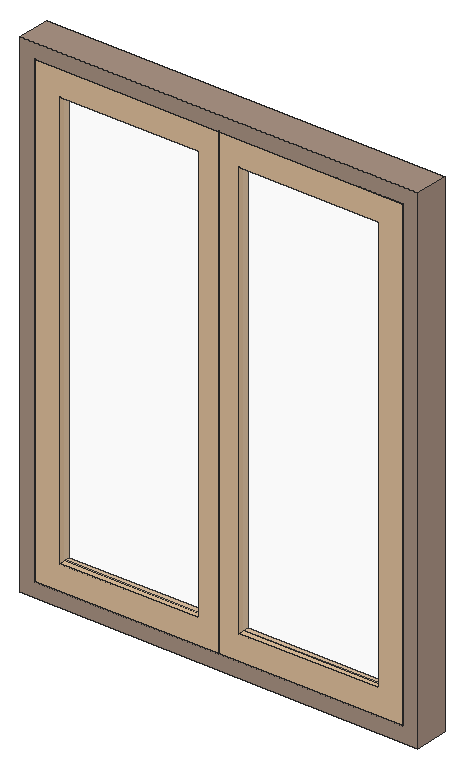
Revit family
Parameters (values of type "1200x1500 mm")
  Top Rail = 60 mm
  Stile = 60 mm
  Shutter = Light Wood
  Panel = Glass (2)
  Height = 1500 mm
  Frame Width = 60 mm
  Frame Depth = 100 mm
  Frame = Dark Wood
  Default Sill Height = 800 mm
  Wall Closure = (empty or 0)
  Width = 1200 mm
  Bottom Rail = 60 mm
Types (4, lengths in mm): name | Width
  (no name) | 1200
  1500x1500 mm | 1500
  1200x1500 mm | 1200
  1800x1500 mm | 1800
Reference planes
  plane 1: y = 5
  plane 2 "Center (Left/Right)": x = 0
  plane 3 "Left": x = -600
  plane 4 "Right": x = 600
  plane 5 "Sill": z = 800
  plane 6 "Head": z = 2300
  plane 7 "Exterior": y = 80
  plane 8 "Interior": y = -70
  plane 9: x = -540
  plane 10: x = 540
  plane 11: y = 55
  plane 12: y = -45
  plane 13: z = 2240
  plane 14: z = 860
  plane 15: x = -480
  plane 16: x = 480
  plane 17: z = 2180
  plane 18: z = 920
  plane 19: x = -60
  plane 20: x = 60
  plane 21: z = 1550
Forms (mm)
  Sweep 1, solid, material "Dark Wood" <- "Frame"
    path origin (0, 5, 0) x (1, 0, 0) y (0, 0, 1)
      loop
        line (-600, 800) -> (600, 800) -> (600, 2300) -> (-600, 2300) -> (-600, 800)
    profile origin (0, 0, 1550) x (-1, 0, 0) y (0, -1, 0)
      loop
        line (600, 45) -> (555, 45) -> (555, 10) -> (540, 10) -> (540, -55) -> (600, -55) -> (600, 45)
  Extrusion 2, solid, material "Light Wood" <- "Shutter"
    sketch origin (0, -45, 0) x (1, 0, 0) y (0, 0, 1)
      loop
        line (0, 845) -> (0, 2255) -> (-555, 2255) -> (-555, 845) -> (0, 845)
      loop
        line (-480, 2180) -> (-480, 920) -> (-60, 920) -> (-60, 2180) -> (-480, 2180)
    from 0 to -35
  Extrusion 3, solid, material "Glass (2)" <- "Panel"
    sketch origin (0, 0, 920) x (0, -1, 0) y (-1, 0, 0)
      loop
        line (25.5, 60) -> (29.5, 60) -> (29.5, 480) -> (25.5, 480) -> (25.5, 60)
      loop
        line (25.5, -60) -> (25.5, -480) -> (29.5, -480) -> (29.5, -60) -> (25.5, -60)
    from 0 to -1260
  Extrusion 4, solid, material "Light Wood" <- "Shutter"
    sketch origin (0, -45, 0) x (1, 0, 0) y (0, 0, 1)
      loop
        line (0, 2255) -> (0, 845) -> (555, 845) -> (555, 2255) -> (0, 2255)
      loop
        line (480, 2180) -> (60, 2180) -> (60, 920) -> (480, 920) -> (480, 2180)
    from 0 to -35
Lines and regions (mm)
  Opening 1
    outline origin (3500, -70, 0) x (1, 0, 0) y (0, 0, 1)
      loop
        line (-2900, 800) -> (-2900, 2300) -> (-4100, 2300) -> (-4100, 800) -> (-2900, 800)
  symbolic lines, style "WindowsFrameMullionProjection", detail levels medium+fine
    curve 1: line (-600, 55, 0) -> (-540, 55, 0)
    curve 2: line (-540, 55, 0) -> (-540, -15, 0)
    curve 3: line (-555, -15, 0) -> (-540, -15, 0)
    curve 4: line (-555, -15, 0) -> (-555, -45, 0)
    curve 5: line (-600, -45, 0) -> (-555, -45, 0)
    curve 6: line (600, 55, 0) -> (540, 55, 0)
    curve 7: line (540, 55, 0) -> (540, -15, 0)
    curve 8: line (540, -10, 0) -> (555, -10, 0)
    curve 9: line (555, -10, 0) -> (555, -45, 0)
    curve 10: line (555, -45, 0) -> (600, -45, 0)
    curve 11: line (600, -45, 0) -> (600, 55, 0)
    curve 13: line (-600, 55, 0) -> (-600, -45, 0)
  symbolic lines, style "Plan Swing"
    curve 12: line (-555, -45, 0) -> (555, -45, 0)
  symbolic lines, style "WindowsFrameMullionProjection", detail levels coarse
    curve 14: line (-555, -45, 0) -> (-600, -45, 0)
    curve 15: line (-555, 55, 0) -> (-555, -45, 0)
    curve 16: line (-600, 55, 0) -> (-555, 55, 0)
    curve 17: line (-600, -45, 0) -> (-600, 55, 0)
    curve 18: line (555, -45, 0) -> (600, -45, 0)
    curve 19: line (555, 55, 0) -> (555, -45, 0)
    curve 20: line (600, 55, 0) -> (555, 55, 0)
    curve 21: line (600, -45, 0) -> (600, 55, 0)
  symbolic lines, style "Elevation Swing Coarse", detail levels coarse
    curve 22: line (540, 0, 1550) -> (0, 0, 2240)
    curve 23: line (540, 0, 1550) -> (0, 0, 860)
    curve 24: line (0, 0, 2240) -> (-540, 0, 1550)
    curve 25: line (0, 0, 860) -> (-540, 0, 1550)
  symbolic lines, style "Plan Swing", detail levels coarse
    curve 26: line (-555, -10, 0) -> (555, -10, 0)
  symbolic lines, style "Elevation Swing Medium", detail levels medium
    curve 27: line (540, 0, 1550) -> (0, 0, 2240)
    curve 28: line (540, 0, 1550) -> (0, 0, 860)
    curve 29: line (0, 0, 2240) -> (-540, 0, 1550)
    curve 30: line (0, 0, 860) -> (-540, 0, 1550)
  symbolic lines, style "Elevation Swing Fine", detail levels fine
    curve 31: line (540, 0, 1550) -> (0, 0, 2240)
    curve 32: line (540, 0, 1550) -> (0, 0, 860)
    curve 33: line (0, 0, 2240) -> (-540, 0, 1550)
    curve 34: line (0, 0, 860) -> (-540, 0, 1550)
Text (mm)
  text "EXTERIOR" at (-1963.203, 1332.353, 0), in view "Ref. Level"
  text "INTERIOR" at (-1981.466, -818.386, 0), in view "Ref. Level"
  text "Exterior" at (0, 923.751, 2943.296), in view "Right"
  text "Exterior" at (0, 1040.484, 2685.409), in view "Left"
Dimensions and locks
  equal spacing: plane 3 "Left", plane 2 "Center (Left/Right)", plane 4 "Right"
  "Width": plane 3 "Left" to plane 4 "Right"
  "Height": plane 5 "Sill" to plane 6 "Head"
  "Default Sill Height": plane 5 "Sill" to level
  locked: plane 7 "Exterior" to host wall at 0
  locked: plane 8 "Interior" to host wall
  locked: Sweep 1 sketch curve to Sweep 1 sketch curve at 15
  locked: Sweep 1 sketch curve to Sweep 1 sketch curve at 35
  "Frame Width": plane 3 "Left" to plane 9
  "Frame Width": plane 10 to plane 4 "Right"
  equal spacing: plane 12, plane 1, plane 11
  "Frame Depth": plane 12 to plane 11
  "Frame Width": plane 6 "Head" to plane 13
  "Frame Width": plane 14 to plane 5 "Sill"
  "Stile": plane 15 to plane 9
  "Stile": plane 10 to plane 16
  "Stile": plane 2 "Center (Left/Right)" to plane 19
  "Stile": plane 20 to plane 2 "Center (Left/Right)"
  "Top Rail": plane 13 to plane 17
  "Bottom Rail": plane 18 to plane 14
  equal spacing: plane 6 "Head", plane 21, plane 5 "Sill"
  equal spacing: plane 8 "Interior", plane 1, plane 7 "Exterior"
  aligned and locked: host wall to Sweep 1 sketch curve
  aligned and locked: Sweep 1 sketch curve to host wall  (x3)
  aligned and locked: Sweep 1 sketch curve to plane 12
  aligned and locked: Sweep 1 sketch curve to plane 3 "Left"
  aligned and locked: Sweep 1 sketch curve to plane 11
  aligned and locked: Sweep 1 sketch curve to plane 9
  aligned and locked: plane 15 to Extrusion 2 sketch curve
  aligned and locked: plane 17 to Extrusion 2 sketch curve
  aligned and locked: plane 18 to Extrusion 2 sketch curve
  aligned and locked: Extrusion 2 sketch curve to plane 19
  aligned and locked: Extrusion 2 to Extrusion 3 sketch curve
  aligned and locked: Extrusion 3 to Extrusion 2  (x2)
  aligned and locked: curve 1 to Sweep 1  (x2)
  aligned and locked: curve 2 to Sweep 1
  aligned and locked: curve 3 to Sweep 1
  aligned and locked: Sweep 1 to curve 5
  aligned and locked: Sweep 1 to curve 6
  aligned and locked: curve 7 to Sweep 1
  aligned and locked: curve 7 to curve 8
  aligned and locked: Sweep 1 to curve 8
  aligned and locked: Sweep 1 to curve 9
  aligned and locked: curve 12 to plane 12
  aligned and locked: curve 13 to curve 1
  aligned and locked: curve 13 to curve 5
  aligned and locked: plane 3 "Left" to curve 13
  aligned and locked: curve 21 to Sweep 1  (x2)
  aligned and locked: curve 22 to Sweep 1  (x2)
  aligned and locked: curve 23 to Sweep 1
  aligned and locked: Sweep 1 to curve 24
  aligned and locked: Extrusion 2 to Extrusion 4 sketch curve
  aligned and locked: Extrusion 4 sketch curve to Extrusion 2
  aligned and locked: Extrusion 4 sketch curve to Sweep 1  (x2)
  aligned and locked: Extrusion 4 sketch curve to Extrusion 3  (x4)
  aligned and locked: curve 26 to Sweep 1
Automatic sketch dimensions
  Opening 1 sketch curve to plane 3 "Left" = 0 mm
  Opening 1 sketch curve to plane 4 "Right" = 0 mm
  Opening 1 sketch curve to plane 5 "Sill" = 0 mm
  Opening 1 sketch curve to plane 6 "Head" = 0 mm
  Extrusion 3 sketch curve to plane 20 = 0 mm
  Extrusion 3 sketch curve to plane 16 = 0 mm
  Extrusion 3 sketch curve to plane 19 = 0 mm
  Extrusion 3 sketch curve to plane 12 = 19.5 mm  (x2)
  Extrusion 3 sketch curve to Extrusion 3 sketch curve = 4 mm  (x2)
  Extrusion 2 sketch curve to plane 2 "Center (Left/Right)" = 0 mm
  Extrusion 2 sketch curve to plane 9 = 15 mm
  plane 14 to Extrusion 2 sketch curve = 15 mm
  Extrusion 2 sketch curve to plane 13 = 15 mm
  plane 10 to curve 8 = 15 mm
  host wall to curve 2 = 20 mm
  curve 7 to curve 8 = 5 mm
  curve 31 to plane 2 "Center (Left/Right)" = 0 mm
  curve 24 to plane 21 = 0 mm
  curve 27 to plane 21 = 0 mm
  curve 25 to plane 2 "Center (Left/Right)" = 0 mm
